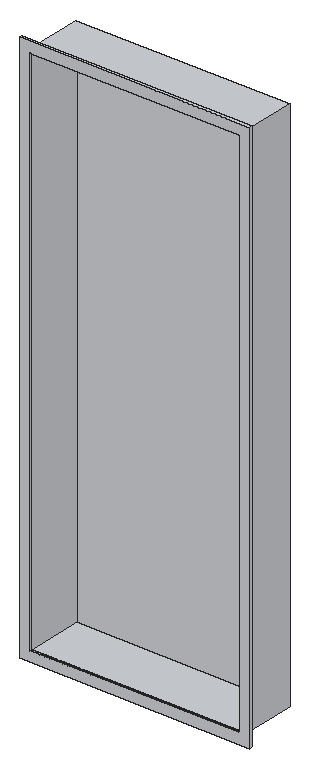
Revit family "Hager-Volta-IP30-Flush_mounted-vuoto-NoHosted-CH-it", category Electrical Equipment, Revit 2020
Family settings
  Panel Configuration = Two Columns, Circuits Across
  Round Connector Dimension = Use Diameter
  Part Type = Panelboard
  Work Plane-Based = Yes
  Always vertical = Yes
  Cut with Voids When Loaded = No
  Shared = No
  Room Calculation Point = No
Parameters (values of type "incassato  L348 A880 P94.5 12 Unità di divisione - VU60NK")
  Width Control [instance] = if([HG000006 - Ad incasso], if([EF000846 - larghezza di montaggio] > min_whd, [EF000846 - larghezza di montaggio], min_whd), if([EF000008 - Larghezza] > min_whd, ([EF000008 - Larghezza]), min_whd))  # 335 mm
  Void Depth [instance] = if([EF000218 - profondità di incasso] > 1 mm, [EF000218 - profondità di incasso], 1 mm)  # 90 mm
  Type Comments = [HG000003 - Gamma]  # "Volta"
  System Height [instance] = Height Control - 2 * [HG000005 - Spessore]  # 840 mm
  Panel Name [instance] = ""  # (empty or 0)
  Offset [instance] = 0 mm
  Model = [HG000004 - Codice produttore]  # "VU60NK"
  Level Offset [instance] = [Flush Mounted - Door Frame Width] + Offset  # 34 mm
  HG000017 - Distanza tra i poli = 18 mm
  HG000016 - Visibilità delle porte nella vista 3D [instance] = yes
  HG000015 - Visibilità attraverso la porta [instance] = no
  HG000014 - Porta destra [instance] = yes
  HG000013 - Porta sinistra [instance] = not([HG000014 - Porta destra])  # no
  HG000012 - Angolo di apertura della porta [instance] = 45.00°
  HG000011 - File vuote nella parte basse = no
  HG000010 - Porte asimmetriche = no
  HG000009 - Porta doppia a battente = no
  HG000008 - Numero di file vuote = 0
  HG000007 - Numero di colonne vuote = 0
  HG000006 - Ad incasso = yes
  HG000005 - Spessore = 3 mm  # constant formula
  HG000004 - Codice produttore = "VU60NK"
  HG000003 - Gamma = "Volta"
  HG000002 - Con porta = no
  HG000001 - Numero di colonne = 0
  EF015941 - Segnale di passaggio porta = no
  EF015777 - Morsettiera neutra = no
  EF015776 - Morsettiera di terra = no
  EF009212 - esecuzione coperchio = "EV000116 - chiuso"
  EF006306 - con serratura = no
  EF006244 - coperchio/porta trasparente = no
  EF005474 - grado di protezione (IP) = ""
  EF004462 - tipo di chiusura = ""
  EF002950 - Numero moduli DIN = 12
  EF001596 - Attacco Lampada = "EV000139 - plastica"
  EF001134 - barra DIN = no
  EF001131 - profondità interna = 92 mm
  EF001088 - possibilità di applicazione = yes
  EF001062 - esecuzione EMC = yes
  EF000846 - larghezza di montaggio = 335 mm
  EF000339 - tipo di copertura = ""
  EF000332 - Altezza della parte incassata = 846 mm
  EF000266 - numero di file = 5
  EF000218 - profondità di incasso = 90 mm
  EF000118 - con piastra di montaggio = no
  EF000116 - numero RAL = "7035"
  EF000049 - profondità = 94 mm
  EF000040 - Altezza = 880 mm
  EF000008 - Larghezza = 348 mm
  EF000007 - colore = "EV000270 - grigio"
  EF000003 - Tipo di montaggio = "EV000383 - incassato"
  Description = ""
  Default Elevation = 1219.2 mm
  Arrow Offset [instance] = Depth Control / 8  # 11.25 mm
  Arrow Height [instance] = Depth Control - Arrow Offset  # 78.75 mm
  Host Offset [instance] = if([HG000006 - Ad incasso], 0 mm, [EF000049 - profondità])  # 0 mm
  min_whd [instance] = (2 * [HG000005 - Spessore]) + 1 mm  # 7 mm
  Manufacturer = "Hager"  # constant formula
  Height Control [instance] = if([HG000006 - Ad incasso], if([EF000332 - Altezza della parte incassata] > min_whd, [EF000332 - Altezza della parte incassata], min_whd), if([EF000040 - Altezza] > min_whd, ([EF000040 - Altezza]), min_whd))  # 846 mm
  Flush Mounted - Door Frame Width [instance] = if(([EF000040 - Altezza] - [EF000332 - Altezza della parte incassata]) > 0 mm, if([HG000006 - Ad incasso], [EF000040 - Altezza] - [EF000332 - Altezza della parte incassata], 0 mm), 0 mm)  # 34 mm
  Depth Control [instance] = if([HG000006 - Ad incasso], if([EF000218 - profondità di incasso] > 0 mm, [EF000218 - profondità di incasso], 1 mm), if([EF000049 - profondità] > 0 mm, ([EF000049 - profondità]), 1 mm))  # 90 mm
Types (5, lengths in mm): name | System Height | Model | Level Offset | HG000004 - Codice produttore | EF000332 - Altezza della parte incassata | EF000266 - numero di file | EF000040 - Altezza | EF000008 - Larghezza | Height Control | Flush Mounted - Door Frame Width
  incassato  L330 A355 P94.5 12 Unità di divisione - VU12NK | 340 | "VU12NK" | 9 | "VU12NK" | 346 | 1 | 355 | 330 | 346 | 9
  incassato  L330 A484 P94.5 12 Unità di divisione - VU24NK | 465 | "VU24NK" | 13 | "VU24NK" | 471 | 2 | 484 | 330 | 471 | 13
  incassato  L330 A609 P94.5 12 Unità di divisione - VU36NK | 590 | "VU36NK" | 13 | "VU36NK" | 596 | 3 | 609 | 330 | 596 | 13
  incassato  L330 A734 P94.5 12 Unità di divisione - VU48NK | 715 | "VU48NK" | 13 | "VU48NK" | 721 | 4 | 734 | 330 | 721 | 13
  incassato  L348 A880 P94.5 12 Unità di divisione - VU60NK | 840 | "VU60NK" | 34 | "VU60NK" | 846 | 5 | 880 | 348 | 846 | 34
Reference planes
  plane 1 "Center (Front/Back)": y = 0
  plane 2: z = 0
  plane 3 "Center (Left/Right)": x = 0
  plane 4: y = 37
  plane 5: y = 90
  plane 6: y = 34
  plane 7: z = 0
  plane 8: x = -167.5
  plane 9: x = 167.5
  plane 10: x = 164.5
  plane 11: x = -164.5
  plane 12: z = 34
  plane 13: z = 37
  plane 14: y = 5
  plane 15: y = 0
  plane 16: y = 87
  plane 17: z = 877
  plane 18: z = 880
  plane 19: z = 457
  plane 20: x = 0
  plane 21: y = -100
Forms (mm)
  Extrusion 1, solid
    sketch origin (-208.679, -4572, 34) x (-1, 0, 0) y (0, -1, 0)
      loop
        line (-41.179, -4572) -> (-376.179, -4572) -> (-376.179, -4662) -> (-41.179, -4662) -> (-41.179, -4572)
    from 0 to 846 <- "Height Control"
  Extrusion 2, void
    sketch origin (-350.771, 0, 1219.2) x (1, 0, 0) y (0, 0, 1)
      loop
        line (186.271, -342.2) -> (186.271, -1182.2) -> (515.271, -1182.2) -> (515.271, -342.2) -> (186.271, -342.2)
    from 0 to -87
  Extrusion 3, solid, detail levels coarse+medium
    sketch origin (-350.771, 0, 1219.2) x (-1, 0, 0) y (0, 0, 1)
      loop
        line (-186.271, -342.2) -> (-515.271, -342.2) -> (-515.271, -1182.2) -> (-186.271, -1182.2) -> (-186.271, -342.2)
    from 0 to 3 <- "HG000005 - Spessore"
Cuts and joins
  Extrusion 2 cuts Extrusion 1
Dimensions and locks
  "Flush Mounted - Door Frame Width": plane 1 "Center (Front/Back)" to plane 6
  "HG000005 - Spessore": plane 4 to plane 6
  "HG000005 - Spessore": plane 8 to plane 11
  "HG000005 - Spessore": plane 9 to plane 10
  equal spacing: plane 8, plane 3 "Center (Left/Right)", plane 9
  "Width Control": plane 8 to plane 9
  locked: plane 14 to plane 15 at 5
  "Host Offset": plane 1 "Center (Front/Back)" to plane 15
  "Depth Control": plane 5 to plane 15
  "HG000005 - Spessore": plane 5 to plane 16
  "HG000005 - Spessore": plane 13 to plane 12
  "Level Offset": plane 12 to level
  "HG000005 - Spessore": plane 18 to plane 17
  "Height Control": plane 18 to plane 12
  "Arrow Offset": plane 5 to nested 4
  equal spacing: plane 18, plane 19, plane 12
  locked: connector elem to plane 19
  locked: connector elem to plane 3 "Center (Left/Right)"
  aligned and locked: nested 1 to plane 14
  aligned and locked: plane 3 "Center (Left/Right)" to nested 1
  aligned and locked: plane 3 "Center (Left/Right)" to nested 2
  aligned and locked: nested 2 to plane 15
  aligned and locked: plane 5 to Extrusion 1
  aligned and locked: Extrusion 3 sketch curve to plane 17
  aligned and locked: Extrusion 3 sketch curve to plane 11
  aligned and locked: plane 13 to Extrusion 3 sketch curve
  aligned and locked: Extrusion 3 sketch curve to plane 10
  aligned and locked: plane 13 to Extrusion 2 sketch curve
  aligned and locked: Extrusion 2 sketch curve to plane 10
  aligned and locked: Extrusion 2 sketch curve to plane 17
  aligned and locked: Extrusion 2 sketch curve to plane 11
  aligned and locked: plane 16 to Extrusion 2
  aligned and locked: plane 5 to Extrusion 1 sketch curve
  aligned and locked: plane 9 to Extrusion 1 sketch curve
  aligned and locked: plane 8 to Extrusion 1 sketch curve
  aligned and locked: plane 8 to nested 4
  aligned and locked: plane 8 to nested 3
  aligned and locked: nested 3 to plane 5
  aligned and locked: Extrusion 1 sketch curve to plane 15
  aligned and locked: Extrusion 2 to plane 15
Nested families
  nested 1: "Hager_Enclosure_System" at (0, 5, 37), Flush_Mounted <- "HG000006 - Ad incasso", Width <- "EF000008 - Larghezza", Height <- "System Height", Width_Control <- "Width Control", Row_Module_Multiplicator <- "EF002950 - Numero moduli DIN", Empty_Columns <- "HG000007 - Numero di colonne vuote", Built-in_Width <- "EF000846 - larghezza di montaggio", Border <- "HG000005 - Spessore", Total_No_Empty_Rows <- "HG000008 - Numero di file vuote", Depth <- "HG000005 - Spessore", Empty_Rows_From_Bottom <- "HG000011 - File vuote nella parte basse", Distance_Between_Poles <- "HG000017 - Distanza tra i poli", Rows_Count <- "EF000266 - numero di file", Columns_Count <- "HG000001 - Numero di colonne", type "Hager_Enclosure_System", detail levels medium+fine
    with Width_Control 335 mm, Width 348 mm, Total_No_Rows 5, Total_No_Empty_Rows 0, Total_No_Columns 1, System_Width 329 mm, Rows_Count 5, Rows_Column 5, Row_Module_Multiplicator 12, Panel_4 no, Panel_3 no, Panel_2 no, Panel_1 no, No_Panels_Ctrl 1, Hide_Columns yes, Height 840 mm, Flush_Mounted yes, Empty_Rows_From_Bottom no, Empty_Rows_Column 0, Empty_Columns 0, Distance_Between_Poles 18 mm, Depth 3 mm, Columns_Count 0, Column_Width 329 mm, Built-in_Width 335 mm, Border 3 mm
  nested 2: "Hager_Enclosure_Door" at (0, 0, 34), Double <- "HG000009 - Porta doppia a battente", Height_Ctrl <- "Height Control", Transparent <- "EF006244 - coperchio/porta trasparente", Depth <- "EF000049 - profondità", Height <- "EF000040 - Altezza", Angle <- "HG000012 - Angolo di apertura della porta", Door_Right <- "HG000014 - Porta destra", Assymetrical <- "HG000010 - Porte asimmetriche", Flush_Mounted <- "HG000006 - Ad incasso", BuiltIn_Depth <- "EF000218 - profondità di incasso", BuiltIn_Width <- "EF000846 - larghezza di montaggio", Door <- "HG000002 - Con porta", Width_Ctrl <- "Width Control", 3d_Door <- "HG000016 - Visibilità delle porte nella vista 3D", Width <- "EF000008 - Larghezza", Border <- "HG000005 - Spessore", BuiltIn_Height <- "EF000332 - Altezza della parte incassata", Clearance <- "HG000015 - Visibilità attraverso la porta", Door_Left <- "HG000013 - Porta sinistra", type "Hager_Enclosure_Door", detail levels medium+fine
    with min_wh 7 mm, Width_Ctrl 335 mm, Width 348 mm, Transparent_Door_No_Bottom_Border no, Transparent no, Leaf_Width 326 mm, Leaf_Tolerance 1.5 mm, Leaf_Height 837 mm, Leaf_2_Width 326 mm, Leaf_2_Offset 163 mm, Leaf_1_Width 326 mm, Leaf_1_Offset 163 mm, Height_Ctrl 846 mm, Height 880 mm, Frame_Width_Ctrl 13 mm, Frame_Width 13 mm, Frame_Internal_Offset 3 mm, Frame_Height_Ctrl 34 mm, Frame_Height 34 mm, Frame_Depth_Ctrl 4 mm, Frame_Depth 4 mm, Flush_Mounted yes, Double_Clearance_Ctrl no, Double no, Door_Right_Ctrl no, Door_Right yes, Door_Left_Ctrl no, Door_Left no, Door no, Depth 94 mm, Clearance_Depth 326 mm, Clearance_Ctrl no, Clearance no, BuiltIn_Width 335 mm, BuiltIn_Height 846 mm, BuiltIn_Depth 90 mm, Border 3 mm, Assymetrical no, Angle 45.00°, 3d_Door yes
  nested 3: "Hager_Enclosure_Symbol_Triangle" at (-167.5, 90, 0), Depth <- "Depth Control", Width <- "Width Control", type "Hager_Enclosure_Symbol_Triangle"
    with Width_Ctrl 335 mm, Width 335 mm, Depth_Ctrl 90 mm, Depth 90 mm
  nested 4: "Hager_Enclosure_Symbol_Arrow" at (-167.5, 78.75, 0), Height <- "Arrow Height", type "Hager_Enclosure_Symbol_Arrow"
    with Width_Inside 5.906 mm, Width 70.875 mm, Height_Ctrl 78.75 mm, Height 78.75 mm
Connectors
  electrical at (0, 90, 457)
    settings: on plane 5, index 1, voltage 0 V, apparent load 0 VA, apparent load phase1 0 VA, apparent load phase2 0 VA, apparent load phase3 0 VA, power factor 1, load classification "Other", number of poles 1, system type 30, power factor state 1, is connector primary yes, connector utility no, sub classification motor no, connector description ""
Definition of nested family "Hager_Enclosure_Door"
  Parameters (values of type "Hager_Enclosure_Door")
    min_wh [instance] = (2 * Border) + 1 mm  # 11 mm
    Width_Ctrl [instance] = 400 mm
    Width [instance] = 500 mm
    Transparent_Door_No_Bottom_Border [instance] = no
    Transparent [instance] = yes
    Leaf_Width [instance] = if((Width_Ctrl - 2 * Border - 2 * Leaf_Tolerance) > 0 mm, (Width_Ctrl - 2 * Border - 2 * Leaf_Tolerance), min_wh)  # 387 mm
    Leaf_Tolerance [instance] = 1.5 mm  # constant formula
    Leaf_Height [instance] = if((Height_Ctrl - 2 * Border - 2 * Leaf_Tolerance) > 0 mm, (Height_Ctrl - 2 * Border - 2 * Leaf_Tolerance), min_wh)  # 387 mm
    Leaf_2_Width [instance] = if(and(and(Double, Assymetrical), Door_Left), (Leaf_Width / 3) - (Leaf_Tolerance / 2), if(and(and(Double, Assymetrical), Door_Right), (Leaf_Width / 3) * 2 - (Leaf_Tolerance / 2), if(and(Double, not(Assymetrical)), (Leaf_Width / 2) - Leaf_Tolerance, Leaf_Width)))  # 387 mm
    Leaf_2_Offset [instance] = if(and(Double, Assymetrical), Leaf_2_Width / 2, if(and(Double, not(Assymetrical)), Leaf_Width / 4, Leaf_Width / 2))  # 193.5 mm
    Leaf_1_Width [instance] = if(and(and(Double, Assymetrical), Door_Right), (Leaf_Width / 3) - (Leaf_Tolerance / 2), if(and(and(Double, Assymetrical), Door_Left), (Width / 3) * 2 - (Leaf_Tolerance / 2), if(and(Double, not(Assymetrical)), (Leaf_Width / 2) - Leaf_Tolerance, Leaf_Width)))  # 387 mm
    Leaf_1_Offset [instance] = if(and(Double, Assymetrical), Leaf_1_Width / 2, if(and(Double, not(Assymetrical)), Leaf_Width / 4, Leaf_Width / 2))  # 193.5 mm
    Height_Ctrl [instance] = 400 mm
    Height [instance] = 500 mm
    Frame_Width_Ctrl [instance] = if(Frame_Width > 0 mm, Frame_Width, 1 mm)  # 1 mm
    Frame_Width [instance] = Width - BuiltIn_Width  # 0 mm
    Frame_Internal_Offset [instance] = if(Flush_Mounted, Border, 0 mm)  # 5 mm
    Frame_Height_Ctrl [instance] = if(Frame_Height > 0 mm, Frame_Height, 1 mm)  # 1 mm
    Frame_Height [instance] = Height - BuiltIn_Height  # 0 mm
    Frame_Depth_Ctrl [instance] = if(Frame_Depth > 0 mm, Frame_Depth, 1 mm)  # 1 mm
    Frame_Depth [instance] = if(Depth - BuiltIn_Depth > 0 mm, if(Flush_Mounted, Depth - BuiltIn_Depth, 0 mm), 0 mm)  # 0 mm
    Flush_Mounted [instance] = yes
    Double_Clearance_Ctrl [instance] = and(Double, Clearance)  # no
    Double [instance] = no
    Door_Right_Ctrl [instance] = and(or(Door_Right, Double), Door)  # yes
    Door_Right [instance] = yes
    Door_Left_Ctrl [instance] = and(or(Door_Left, Double), Door)  # no
    Door_Left [instance] = no
    Door [instance] = yes
    Depth [instance] = 500 mm
    Default Elevation = 1219.2 mm
    Clearance_Material = none
    Clearance_Depth [instance] = if(Leaf_1_Width > Leaf_2_Width, Leaf_1_Width, Leaf_2_Width)  # 387 mm
    Clearance_Ctrl [instance] = and(not(Double), Clearance)  # yes
    Clearance [instance] = yes
    BuiltIn_Width [instance] = 500 mm
    BuiltIn_Height [instance] = 500 mm
    BuiltIn_Depth [instance] = 500 mm
    Border [instance] = 5 mm
    Assymetrical [instance] = yes
    Angle [instance] = 30.00°
    3d_Door [instance] = yes
  Reference planes
    plane 1 "Center (Front/Back)": y = 0
    plane 2 "Bottom": z = 0
    plane 3 "Center (Left/Right)": x = 0
    plane 4: z = 400
    plane 5: x = -200
    plane 6: x = 200
    plane 7: z = 395
    plane 8: x = -195
    plane 9: z = 5
    plane 10: x = 195
    plane 11: y = 0
    plane 12: z = 6.5
    plane 13: x = -582
    plane 14: y = -387
    plane 15: x = 582
    plane 16: x = 0
    plane 17: x = 0
    plane 18: x = -193.5
    plane 19: x = 193.5
    plane 20: z = 393.5
  Forms (mm)
    Extrusion 1, solid, visible <- "Flush_Mounted"
      sketch origin (0, 0, 0) x (1, 0, 0) y (0, 0, 1)
        loop
          line (195, 5) -> (195, 395) -> (-195, 395) -> (-195, 5) -> (195, 5)
        loop
          line (-201, 401) -> (-201, -1) -> (201, -1) -> (201, 401) -> (-201, 401)
      from 0 to 1 <- "Frame_Depth_Ctrl"
    Extrusion 2, solid, material <- "Clearance_Material", visible <- "Double_Clearance_Ctrl"
      sketch origin (1200, 0, 0) x (1, 0, 0) y (0, 0, -1)
        loop
          line (-1782, -393.5) -> (-618, -393.5) -> (-618, 0) -> (-1782, 0) -> (-1782, -393.5)
      from 0 to -387
  Dimensions and locks
    equal spacing: plane 5, plane 3 "Center (Left/Right)", plane 6
    "Width_Ctrl": plane 5 to plane 6
    "Border": plane 5 to plane 8
    "Border": plane 6 to plane 10
    "Border": plane 9 to level
    "Border": plane 4 to plane 7
    "Height_Ctrl": plane 4 to level
    "Leaf_Tolerance": plane 12 to plane 9
    "Frame_Depth": plane 11 to plane 1 "Center (Front/Back)"
    "Frame_Width_Ctrl": plane 5 to Extrusion 1 sketch curve
    "Frame_Width_Ctrl": plane 6 to Extrusion 1 sketch curve
    "Frame_Width_Ctrl": Extrusion 1 sketch curve to plane 4
    "Frame_Width_Ctrl": plane 2 "Bottom" to Extrusion 1 sketch curve
    "Leaf_1_Offset": plane 18 to plane 16
    "Leaf_2_Offset": plane 17 to plane 19
    "Leaf_1_Width": plane 13 to plane 8
    "Leaf_2_Width": plane 10 to plane 15
    "Clearance_Depth": plane 14 to plane 1 "Center (Front/Back)"
    "Leaf_Tolerance": plane 8 to plane 18
    "Leaf_Tolerance": plane 19 to plane 10
    "Leaf_Tolerance": plane 7 to plane 20
    "Frame_Internal_Offset": plane 5 to Extrusion 1 sketch curve
    "Frame_Internal_Offset": Extrusion 1 sketch curve to plane 2 "Bottom"
    "Frame_Internal_Offset": plane 6 to Extrusion 1 sketch curve
    "Frame_Internal_Offset": plane 4 to Extrusion 1 sketch curve
    aligned and locked: level to plane 2 "Bottom"
    aligned and locked: nested 1 to plane 16
    aligned and locked: nested 2 to plane 17
    aligned and locked: Extrusion 2 to plane 13
    aligned and locked: plane 15 to Extrusion 2
    aligned and locked: Extrusion 2 to plane 14
    aligned and locked: plane 12 to nested 1
    aligned and locked: nested 2 to plane 12
    aligned and locked: Extrusion 2 to plane 11
    aligned and locked: plane 20 to Extrusion 2
    aligned and locked: nested 2 to plane 11
    aligned and locked: nested 1 to plane 11
  Automatic sketch dimensions
    Extrusion 2 sketch curve to level = 0 mm
    plane 5 to Extrusion 2 sketch curve = 382 mm
    plane 6 to Extrusion 2 sketch curve = 382 mm
    Extrusion 2 sketch curve to plane 4 = 6.5 mm
  Nested families
    nested 1: "Hager_Enclosure_Door_Leaf" at (0, 0, 6.5), Width <- "Leaf_1_Width", visible <- "Door_Left_Ctrl", Leaf_Height <- "Leaf_Height", Angle <- "Angle", Depth <- "Border", 3d_Door <- "3d_Door", Transparent <- "Transparent", Clearance Material <- "Clearance_Material", Clearance <- "Clearance_Ctrl", Transparent_Door_No_Bottom_Border <- "Transparent_Door_No_Bottom_Border", type "Hager_Enclosure_Door_Leaf"
      with Width 387 mm, Transparent_Door_No_Bottom_Border no, Transparent_Door_Border_Bottom_Top 25 mm, Transparent_Door_Border 25 mm, Transparent_Ctrl yes, Transparent yes, Standard no, Leaf_Height 387 mm, Glass_Offset 1 mm, Depth 5 mm, Clearance Material none, Clearance yes, Angle_Ctrl 30.00°, Angle 30.00°, 3d_Door yes
    nested 2: "Hager_Enclosure_Door_Leaf" at (0, 0, 6.5) x (-1, 0, 0) z (0, 0, 1), Width <- "Leaf_2_Width", visible <- "Door_Right_Ctrl", Leaf_Height <- "Leaf_Height", Angle <- "Angle", Depth <- "Border", 3d_Door <- "3d_Door", Transparent <- "Transparent", Clearance Material <- "Clearance_Material", Clearance <- "Clearance_Ctrl", Transparent_Door_No_Bottom_Border <- "Transparent_Door_No_Bottom_Border", type "Hager_Enclosure_Door_Leaf"
      with Width 387 mm, Transparent_Door_No_Bottom_Border no, Transparent_Door_Border_Bottom_Top 25 mm, Transparent_Door_Border 25 mm, Transparent_Ctrl yes, Transparent yes, Standard no, Leaf_Height 387 mm, Glass_Offset 1 mm, Depth 5 mm, Clearance Material none, Clearance yes, Angle_Ctrl 30.00°, Angle 30.00°, 3d_Door yes
  Definition of nested family "Hager_Enclosure_Door_Leaf"
    Parameters (values of type "Hager_Enclosure_Door_Leaf")
      Width [instance] = 2000 mm
      Transparent_Door_No_Bottom_Border [instance] = yes
      Transparent_Door_Border_Bottom_Top [instance] = if(Transparent_Door_No_Bottom_Border, 0.1 mm, Transparent_Door_Border)  # 0.1 mm
      Transparent_Door_Border [instance] = if(Transparent_Door_No_Bottom_Border, (Width * 0.12), 25 mm)  # 240 mm
      Transparent_Ctrl [instance] = and(Transparent, [3d_Door])  # yes
      Transparent [instance] = yes
      Standard [instance] = and(not(Transparent), [3d_Door])  # no
      Leaf_Height [instance] = 2720.336 mm
      Glass_Offset [instance] = if((Depth - 10 mm) / 2 > 0 mm, (Depth - 10 mm) / 2, 1 mm)  # 15 mm
      Glass_Material = none
      Depth [instance] = 40 mm
      Default Elevation = 0 mm
      Clearance Material [instance] = none
      Clearance [instance] = yes
      Angle_Ctrl [instance] = if(Angle > 170.00°, 170.00°, Angle)  # 45.00°
      Angle [instance] = 45.00°
      3d_Door [instance] = yes
    Reference planes
      plane 1 "Center (Front/Back)": y = 0
      plane 2: z = 0
      plane 3 "Center (Left/Right)": x = 0
      plane 4: y = 2000
      plane 5: x = -1000
      plane 6: x = 1000
      plane 7: x = -3000
      plane 8: z = 2720.336
      plane 9: z = 0.1
      plane 10: z = 2720.236
      plane 11: x = 760
      plane 12: x = -760
    Forms (mm)
      Extrusion 1, solid, material <- "Clearance Material", visible <- "Clearance"
        sketch origin (0, 0, 0) x (1, 0, 0) y (0, 0, 1)
          loop
            line (-3000, 2720.336) -> (-3000, 0) -> (1000, 0) -> (1000, 2720.336) -> (-3000, 2720.336)
        from 0 to -2000
      Extrusion 2, solid, visible <- "Standard", detail levels medium+fine
        sketch origin (-1000, 0, 0) x (0.707107, 0.707107, 0) y (-0.707107, 0.707107, 0)
          loop
            line (0, -40) -> (2000, -40) -> (2000, 0) -> (0, 0) -> (0, -40)
        from 0 to 2720.336 <- "Leaf_Height"
      Extrusion 3, solid, visible <- "Transparent_Ctrl", detail levels medium+fine
        sketch origin (-1000, 0, 0) x (0.707107, 0.707107, 0) y (-0.707107, 0.707107, 0)
          loop
            line (0, -40) -> (2000, -40) -> (2000, 0) -> (0, 0) -> (0, -40)
        from 0 to 2720.336 <- "Leaf_Height"
      Extrusion 4, void, detail levels medium+fine
        sketch origin (-1000, 0, 0) x (-0.707107, 0.707107, 0) y (0.707107, 0.707107, 0)
          loop
            line (0, 240) -> (0, 1760) -> (-40, 1760) -> (-40, 240) -> (0, 240)
        from -2720.236 to -0.1
      Extrusion 5, solid, material <- "Glass_Material", visible <- "Transparent_Ctrl", detail levels medium+fine
        sketch origin (-1000, 0, 0) x (0.707107, 0.707107, 0) y (-0.707107, 0.707107, 0)
          loop
            line (240, -15) -> (240, -25) -> (1760, -25) -> (1760, -15) -> (240, -15)
        from 0.1 to 2720.236
    Cuts and joins
      Extrusion 4 cuts Extrusion 3
    Lines and regions (mm)
      symbolic lines
        curve 1: line (1000, 0, 0) -> (-3000, 0, 0)
        curve 2: arc (1000, 0, 0) -> (-1000, 2000, 0) -> (-3000, 0, 0) r 2000
        curve 4: line (-1000, 0, 0) -> (414.214, 1414.214, 0)
      reference lines
        curve 3: line (-1000, 0, 0) -> (414.214, 1414.214, 0)
      symbolic lines, detail levels medium+fine
        curve 5: line (414.214, 1414.214, 0) -> (442.498, 1385.929, 0)
        curve 6: line (442.498, 1385.929, 0) -> (-971.716, -28.284, 0)
        curve 7: line (-971.716, -28.284, 0) -> (-1000, 0, 0)
        curve 8: line (-1000, 0, 2720.336) -> (1000, 0, 2720.336)
        curve 9: line (-1000, 0, 0) -> (-1000, 0, 2720.336)
        curve 10: line (1000, 0, 0) -> (-1000, 0, 0)
        curve 11: line (1000, 0, 2720.336) -> (1000, 0, 0)
      symbolic lines, visible <- "Transparent_Ctrl", detail levels medium+fine
        curve 12: line (-760, 0, 2720.236) -> (760, 0, 2720.236)
        curve 13: line (-760, 0, 0.1) -> (-760, 0, 2720.236)
        curve 14: line (760, 0, 0.1) -> (-760, 0, 0.1)
        curve 15: line (760, 0, 2720.236) -> (760, 0, 0.1)
    Dimensions and locks
      "Width": plane 1 "Center (Front/Back)" to plane 4
      equal spacing: plane 5, plane 3 "Center (Left/Right)", plane 6
      "Width": plane 5 to plane 6
      "Width": plane 7 to plane 5
      "Leaf_Height": plane 8 to level
      "Depth": curve 6 to curve 3
      "Width": curve 5 to curve 3
      "Width": curve 3 to curve 3
      "Transparent_Door_Border": Extrusion 4 sketch curve to curve 7
      "Transparent_Door_Border": Extrusion 4 sketch curve to curve 5
      "Transparent_Door_Border_Bottom_Top": plane 8 to plane 10
      "Transparent_Door_Border_Bottom_Top": plane 9 to level
      "Glass_Offset": Extrusion 5 sketch curve to curve 4
      "Glass_Offset": Extrusion 5 sketch curve to curve 6
      "Transparent_Door_Border": Extrusion 5 sketch curve to curve 5
      "Transparent_Door_Border": Extrusion 5 sketch curve to curve 7
      "Transparent_Door_Border": plane 12 to plane 5
      "Transparent_Door_Border": plane 6 to plane 11
      "Angle_Ctrl": angle plane 1 "Center (Front/Back)" to curve 3
      aligned and locked: level to plane 2
      aligned and locked: Extrusion 1 to curve 1
      aligned and locked: plane 6 to Extrusion 1
      aligned and locked: Extrusion 1 to plane 1 "Center (Front/Back)"
      aligned and locked: plane 4 to Extrusion 1
      aligned and locked: plane 8 to Extrusion 1
      aligned and locked: curve 4 to curve 3
      aligned and locked: Extrusion 2 sketch curve to curve 7
      aligned and locked: Extrusion 2 sketch curve to curve 6
      aligned and locked: Extrusion 2 sketch curve to curve 5
      aligned and locked: Extrusion 2 sketch curve to curve 3
      aligned and locked: curve 7 to Extrusion 3 sketch curve
      aligned and locked: Extrusion 3 sketch curve to curve 4
      aligned and locked: Extrusion 3 sketch curve to curve 6
      aligned and locked: Extrusion 3 sketch curve to curve 5
      aligned and locked: curve 4 to Extrusion 4 sketch curve
      aligned and locked: curve 6 to Extrusion 4 sketch curve
      aligned and locked: Extrusion 4 to plane 9
      aligned and locked: Extrusion 4 to plane 10
      aligned and locked: Extrusion 5 to plane 9
      aligned and locked: Extrusion 5 to plane 10
      aligned and locked: curve 8 to plane 8
      aligned and locked: plane 5 to curve 9
      aligned and locked: plane 2 to curve 10
      aligned and locked: curve 11 to plane 6
      aligned and locked: plane 10 to curve 12
      aligned and locked: plane 12 to curve 13
      aligned and locked: curve 14 to plane 9
      aligned and locked: plane 11 to curve 15
    Automatic sketch dimensions
      plane 1 "Center (Front/Back)" to curve 2 = 0 mm
      curve 2 to plane 5 = 0 mm
      Extrusion 1 sketch curve to level = 0 mm
      Extrusion 1 sketch curve to plane 7 = 0 mm
      Extrusion 1 sketch curve to plane 6 = 0 mm
      Extrusion 1 sketch curve to plane 8 = 0 mm
      plane 1 "Center (Front/Back)" to curve 3 = 0 mm
      curve 3 to plane 5 = 0 mm
      curve 7 to curve 3 = 0 mm
Definition of nested family "Hager_Enclosure_Symbol_Triangle"
  Parameters (values of type "Hager_Enclosure_Symbol_Triangle")
    Width_Ctrl [instance] = if(Width > 1 mm, Width, 1 mm)  # 498 mm
    Width [instance] = 498 mm
    Depth_Ctrl [instance] = if(Depth > 1 mm, Depth, 1 mm)  # 72 mm
    Depth [instance] = 72 mm
  Reference planes
    plane 1 "Centre (avant/arrière)": y = 0
    plane 2: z = 0
    plane 3 "Centre (gauche/droite)": x = 0
  Lines and regions (mm)
    Filled region 1, type "Solid_Black", in view "Niveau de réf."
      outline origin (0, 0, 0) x (1, 0, 0) y (0, 1, 0)
        loop
          line (0, 0) -> (498, 0) -> (498, 72) -> (0, 0)
    reference lines, in view "Niveau de réf."
      curve 1: line (-206.153, 72, 0) -> (1083.258, 72, 0)
      curve 2: line (498, 405.456, 0) -> (498, -517.619, 0)
  Dimensions and locks
    "Depth_Ctrl": plane 1 "Centre (avant/arrière)" to curve 1
    "Width_Ctrl": plane 3 "Centre (gauche/droite)" to curve 2
    aligned and locked: curve 1 to Filled region 1 sketch curve
    aligned and locked: Filled region 1 sketch curve to plane 1 "Centre (avant/arrière)"
    aligned and locked: curve 2 to Filled region 1 sketch curve
    aligned and locked: plane 3 "Centre (gauche/droite)" to Filled region 1 sketch curve
    aligned and locked: plane 1 "Centre (avant/arrière)" to Filled region 1 sketch curve
  Automatic sketch dimensions
    curve 1 to plane 3 "Centre (gauche/droite)" = 206.153 mm
    curve 2 to curve 1 = 585.258 mm
    plane 1 "Centre (avant/arrière)" to curve 2 = 517.619 mm
    curve 2 to plane 1 "Centre (avant/arrière)" = 405.456 mm
Definition of nested family "Hager_Enclosure_Symbol_Arrow"
  Parameters (values of type "Hager_Enclosure_Symbol_Arrow")
    Width_Inside [instance] = if(Width / 12 > 2 mm, Width / 12, 2 mm)  # 4.987 mm
    Width [instance] = if(Height_Ctrl * 0.9 > 2 mm, Height_Ctrl * 0.9, 2 mm)  # 59.85 mm
    Height_Ctrl [instance] = if(Height > 2 mm, Height, 2 mm)  # 66.5 mm
    Height [instance] = 66.5 mm
  Reference planes
    plane 1 "Centre (avant/arrière)": y = 0
    plane 2: z = 0
    plane 3 "Centre (gauche/droite)": x = 0
    plane 4: x = 59.85
    plane 5: y = 28.263
    plane 6: y = 38.238
    plane 7: y = 66.5
    plane 8: x = 29.925
    plane 9: y = 33.25
  Lines and regions (mm)
    Filled region 1, type "Solid_Black", in view "Niveau de réf."
      outline origin (0, 0, 0) x (1, 0, 0) y (0, 1, 0)
        loop
          line (59.85, 66.5) -> (37.929, 52.827) -> (51.846, 41.935) -> (59.85, 66.5)
    detail lines, in view "Niveau de réf."
      curve 1: line (0, 0, 0) -> (29.925, 38.238, 0)
      curve 2: line (29.925, 38.238, 0) -> (29.925, 28.263, 0)
      curve 3: line (29.925, 28.263, 0) -> (59.85, 66.5, 0)
  Dimensions and locks
    "Width": plane 3 "Centre (gauche/droite)" to plane 4
    "Height_Ctrl": plane 7 to plane 1 "Centre (avant/arrière)"
    equal spacing: plane 3 "Centre (gauche/droite)", plane 8, plane 4
    equal spacing: plane 7, plane 9, plane 1 "Centre (avant/arrière)"
    equal spacing: plane 6, plane 9, plane 5
    "Width_Inside": plane 6 to plane 9
    equal spacing: curve 3, Filled region 1 sketch curve, Filled region 1 sketch curve
    angle Filled region 1 sketch curve to curve 3 = 20.00°
    angle curve 3 to Filled region 1 sketch curve = 20.00°
    locked: curve 3 to Filled region 1 sketch curve (angle 90.00°)
  Automatic sketch dimensions
    plane 1 "Centre (avant/arrière)" to curve 1 = 0 mm
    curve 1 to plane 3 "Centre (gauche/droite)" = 0 mm
    curve 2 to plane 6 = 0 mm
    curve 3 to plane 8 = 0 mm
    curve 3 to plane 4 = 0 mm
    curve 2 to plane 5 = 0 mm
    curve 3 to plane 7 = 0 mm
    Filled region 1 sketch curve to plane 4 = 0 mm
    Filled region 1 sketch curve to plane 7 = 0 mm
